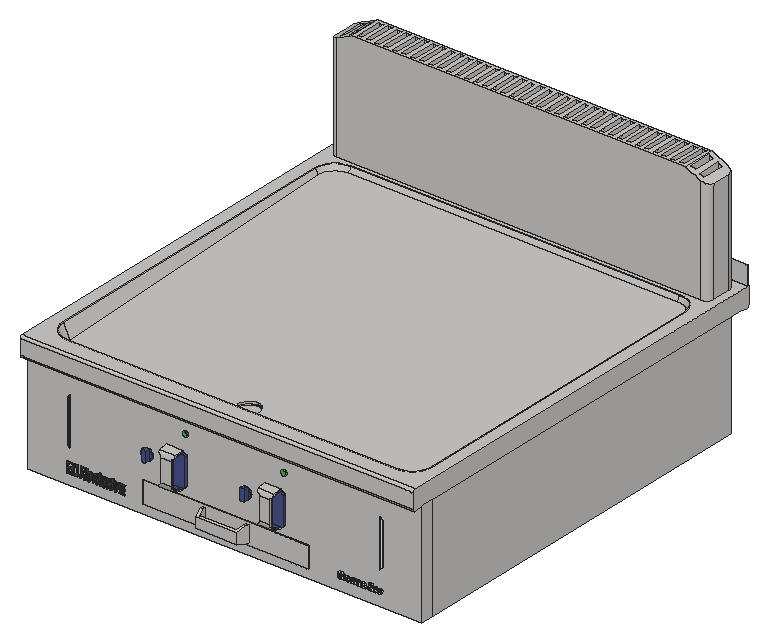
Revit family "QF_ELECTROLUXPROFESSIONAL_593108_MBHMBBHOVO", category Specialty Equipment, Revit 2014
Parameters
  Weight in Pounds = 487.22
  URL Cutsheet = ""
  Type Mark [instance] = ""
  Specification by User [instance] = ""
  Specification by Manufacturer = ""
  Serial Number = ""
  Seismic Rating = ""
  SMACNA No = ""
  Revision Code [instance] = ""
  Omniclass Number and Title = ""
  NAFEM Spec ID Number = ""
  Model = "588557"
  Masterspec = ""
  Manufacturer = "Electrolux Professional"
  Item Number [instance] = ""
  Installed By [instance] = ""
  Identify Quantity as Lot [instance] = yes
  Furnished By [instance] = ""
  Foodservice Equipment Identifier [instance] = yes
  Description = ""
  CSI MasterFormat = ""
  CSI Master Format = ""
Reference planes
  plane 1 "BACK": y = 0
  plane 2: z = 0
  plane 3 "LEFT": x = 0
  plane 4 "RIGHT": x = 800
  plane 5 "FRONT": y = -850
  plane 6 "TOP": z = 900
  plane 7 "Center (Left/Right)": x = 400
  plane 8: y = -425
  plane 9: y = -150
  plane 10: y = -65
  plane 11: y = -813
  plane 12 "GasY": y = -540
  plane 13: z = 938
  plane 14 "BaseTop": z = 650
  plane 15: y = -805
  plane 16 "Camino": y = -50
  plane 17: z = 1131
  plane 18 "GASx": x = 764
Forms (mm)
  Extrusion 1, solid, material "QF_Finishes_Stainless Steel"
    sketch origin (-178.969, -4572, 100) x (-1, 0, 0) y (0, -1, 0)
      loop
        line (-178.969, -4527) -> (-178.969, -3767) -> (-978.969, -3767) -> (-978.969, -4527) -> (-178.969, -4527)
    from 550 to 762.969
  Extrusion 2, solid, material "QF_Finishes_Stainless Steel"
    sketch origin (400, 296.4, 1219.2) x (0, 1, 0) y (0, 0, 1)
      loop
        line (-296.4, -319.2) -> (-1141.4, -319.2)
        arc (-1141.4, -319.2) -> (-1144.935, -320.664) -> (-1146.4, -324.2) r 5
        line (-1146.4, -324.2) -> (-1146.4, -355.2)
        arc (-1146.4, -355.2) -> (-1144.971, -358.264) -> (-1141.705, -359.139) r 4
        line (-1141.705, -359.139) -> (-1126.4, -356.231) -> (-316.4, -356.231) -> (-301.094, -359.139)
        arc (-301.094, -359.139) -> (-297.829, -358.264) -> (-296.4, -355.2) r 4
        line (-296.4, -355.2) -> (-296.4, -319.2)
    from -400 to 400
  Extrusion 3, void
    sketch origin (0, 0, 900) x (-1, 0, 0) y (0, -1, 0)
      loop
        arc (-65, 92) -> (-36.716, 103.716) -> (-25, 132) r 40
        line (-25, 132) -> (-25, 773)
        arc (-25, 773) -> (-36.716, 801.284) -> (-65, 813) r 40
        line (-65, 813) -> (-735, 813)
        arc (-735, 813) -> (-763.284, 801.284) -> (-775, 773) r 40
        line (-775, 773) -> (-775, 132)
        arc (-775, 132) -> (-763.284, 103.716) -> (-735, 92) r 40
        line (-735, 92) -> (-65, 92)
    from 0 to -30
  Extrusion 4, solid, material "QF_Finishes_Stainless Steel"
    sketch origin (400, 296.4, 1219.2) x (0, 1, 0) y (0, 0, 1)
      loop
        line (-296.4, -319.2) -> (-296.4, -281.2) -> (-298.4, -281.2) -> (-298.4, -319.2) -> (-296.4, -319.2)
    from 400 to -400
  Extrusion 5, solid, material "QF_Finishes_Stainless Steel"
    sketch origin (9, 0, 650) x (-1, 0, 0) y (0, -1, 0)
      loop
        circle (-755, 540) r 10.1
    from 0 to -10
  Sweep 6, solid, material "QF_Finishes_Stainless Steel"
    path origin (0, 0, 900) x (-1, 0, 0) y (0, -1, 0)
      loop
        line (-25, 132) -> (-25, 773)
        arc (-25, 773) -> (-36.716, 801.284) -> (-65, 813) r 40
        line (-65, 813) -> (-735, 813)
        arc (-735, 813) -> (-763.284, 801.284) -> (-775, 773) r 40
        line (-775, 773) -> (-775, 132)
        arc (-775, 132) -> (-763.284, 103.716) -> (-735, 92) r 40
        line (-735, 92) -> (-65, 92)
        arc (-65, 92) -> (-36.716, 103.716) -> (-25, 132) r 40
    profile origin (25, -452.5, 900) x (1, 0, 0) y (0, 0, 1)
      loop
        line (0, 0) -> (0, -30) -> (15, -30) -> (0, 0)
  Extrusion 7, void
    sketch origin (305.009, 0, 900) x (-1, 0, 0) y (0, -1, 0)
      loop
        circle (-94.991, 769) r 22.248
    from -32.282 to -6.62
  Extrusion 8, solid, material "QF_Finishes_Stainless Steel"
    sketch origin (0, -50, 900) x (1, 0, 0) y (0, 0, 1)
      loop
        line (15, 0) -> (785, 0) -> (785, 209.869) -> (739.685, 231) -> (60.315, 231) -> (15, 209.869) -> (15, 0)
    from 33 to -33
  Extrusion 9, void
    sketch origin (0, 0, 900) x (-1, 0, 0) y (0, -1, 0)
      loop
        line (-15, 83) -> (-30, 83)
        arc (-30, 83) -> (-19.393, 78.607) -> (-15, 68) r 15
        line (-15, 68) -> (-15, 83)
      loop
        line (-15, 17) -> (-15, 32)
        arc (-15, 32) -> (-19.393, 21.393) -> (-30, 17) r 15
        line (-30, 17) -> (-15, 17)
      loop
        line (-785, 83) -> (-785, 68)
        arc (-785, 68) -> (-780.607, 78.607) -> (-770, 83) r 15
        line (-770, 83) -> (-785, 83)
      loop
        line (-785, 17) -> (-770, 17)
        arc (-770, 17) -> (-780.607, 21.393) -> (-785, 32) r 15
        line (-785, 32) -> (-785, 17)
      loop
        line (-413.234, 23) -> (-413.234, 77) -> (-423.234, 77) -> (-423.234, 23) -> (-413.234, 23)
      loop
        line (-395, 23) -> (-395, 77) -> (-405, 77) -> (-405, 23) -> (-395, 23)
      loop
        line (-431.469, 23) -> (-431.469, 77) -> (-441.469, 77) -> (-441.469, 23) -> (-431.469, 23)
      loop
        line (-449.703, 23) -> (-449.703, 77) -> (-459.703, 77) -> (-459.703, 23) -> (-449.703, 23)
      loop
        line (-467.938, 23) -> (-467.938, 77) -> (-477.938, 77) -> (-477.938, 23) -> (-467.938, 23)
      loop
        line (-486.172, 23) -> (-486.172, 77) -> (-496.172, 77) -> (-496.172, 23) -> (-486.172, 23)
      loop
        line (-504.406, 23) -> (-504.406, 77) -> (-514.406, 77) -> (-514.406, 23) -> (-504.406, 23)
      loop
        line (-522.641, 23) -> (-522.641, 77) -> (-532.641, 77) -> (-532.641, 23) -> (-522.641, 23)
      loop
        line (-540.875, 23) -> (-540.875, 77) -> (-550.875, 77) -> (-550.875, 23) -> (-540.875, 23)
      loop
        line (-559.109, 23) -> (-559.109, 77) -> (-569.109, 77) -> (-569.109, 23) -> (-559.109, 23)
      loop
        line (-577.344, 23) -> (-577.344, 77) -> (-587.344, 77) -> (-587.344, 23) -> (-577.344, 23)
      loop
        line (-595.578, 23) -> (-595.578, 77) -> (-605.578, 77) -> (-605.578, 23) -> (-595.578, 23)
      loop
        line (-613.813, 23) -> (-613.813, 77) -> (-623.813, 77) -> (-623.813, 23) -> (-613.813, 23)
      loop
        line (-632.047, 23) -> (-632.047, 77) -> (-642.047, 77) -> (-642.047, 23) -> (-632.047, 23)
      loop
        line (-650.281, 23) -> (-650.281, 77) -> (-660.281, 77) -> (-660.281, 23) -> (-650.281, 23)
      loop
        line (-668.516, 23) -> (-668.516, 77) -> (-678.516, 77) -> (-678.516, 23) -> (-668.516, 23)
      loop
        line (-686.75, 23) -> (-686.75, 77) -> (-696.75, 77) -> (-696.75, 23) -> (-686.75, 23)
      loop
        line (-704.985, 23) -> (-704.985, 77) -> (-714.985, 77) -> (-714.985, 23) -> (-704.985, 23)
      loop
        line (-723.219, 23) -> (-723.219, 77) -> (-733.219, 77) -> (-733.219, 23) -> (-723.219, 23)
      loop
        line (-741.453, 26) -> (-741.453, 74) -> (-751.453, 74) -> (-751.453, 26) -> (-741.453, 26)
      loop
        line (-759.688, 26) -> (-759.688, 74) -> (-769.688, 74) -> (-769.688, 26) -> (-759.688, 26)
      loop
        line (-386.766, 23) -> (-376.766, 23) -> (-376.766, 77) -> (-386.766, 77) -> (-386.766, 23)
      loop
        line (-368.531, 23) -> (-358.531, 23) -> (-358.531, 77) -> (-368.531, 77) -> (-368.531, 23)
      loop
        line (-350.297, 23) -> (-340.297, 23) -> (-340.297, 77) -> (-350.297, 77) -> (-350.297, 23)
      loop
        line (-332.062, 23) -> (-322.062, 23) -> (-322.062, 77) -> (-332.062, 77) -> (-332.062, 23)
      loop
        line (-313.828, 23) -> (-303.828, 23) -> (-303.828, 77) -> (-313.828, 77) -> (-313.828, 23)
      loop
        line (-295.594, 23) -> (-285.594, 23) -> (-285.594, 77) -> (-295.594, 77) -> (-295.594, 23)
      loop
        line (-277.359, 23) -> (-267.359, 23) -> (-267.359, 77) -> (-277.359, 77) -> (-277.359, 23)
      loop
        line (-259.125, 23) -> (-249.125, 23) -> (-249.125, 77) -> (-259.125, 77) -> (-259.125, 23)
      loop
        line (-240.891, 23) -> (-230.891, 23) -> (-230.891, 77) -> (-240.891, 77) -> (-240.891, 23)
      loop
        line (-222.656, 23) -> (-212.656, 23) -> (-212.656, 77) -> (-222.656, 77) -> (-222.656, 23)
      loop
        line (-204.422, 23) -> (-194.422, 23) -> (-194.422, 77) -> (-204.422, 77) -> (-204.422, 23)
      loop
        line (-186.187, 23) -> (-176.187, 23) -> (-176.187, 77) -> (-186.187, 77) -> (-186.187, 23)
      loop
        line (-167.953, 23) -> (-157.953, 23) -> (-157.953, 77) -> (-167.953, 77) -> (-167.953, 23)
      loop
        line (-149.719, 23) -> (-139.719, 23) -> (-139.719, 77) -> (-149.719, 77) -> (-149.719, 23)
      loop
        line (-131.484, 23) -> (-121.484, 23) -> (-121.484, 77) -> (-131.484, 77) -> (-131.484, 23)
      loop
        line (-113.25, 23) -> (-103.25, 23) -> (-103.25, 77) -> (-113.25, 77) -> (-113.25, 23)
      loop
        line (-95.015, 23) -> (-85.015, 23) -> (-85.015, 77) -> (-95.015, 77) -> (-95.015, 23)
      loop
        line (-76.781, 23) -> (-66.781, 23) -> (-66.781, 77) -> (-76.781, 77) -> (-76.781, 23)
      loop
        line (-58.547, 26) -> (-48.547, 26) -> (-48.547, 74) -> (-58.547, 74) -> (-58.547, 26)
      loop
        line (-40.312, 26) -> (-30.312, 26) -> (-30.312, 74) -> (-40.312, 74) -> (-40.312, 26)
    from 231 to 0
  Extrusion 10, solid, material "QF_Finishes_Stainless Steel"
    sketch origin (400, 296.4, 1219.2) x (0, 1, 0) y (0, 0, 1)
      loop
        line (-1109.4, -349.2) -> (-388.4, -349.2) -> (-388.4, -329.2) -> (-1109.4, -347.5) -> (-1109.4, -349.2)
    from -375 to 375
  Extrusion 11, void
    sketch origin (305.009, 0, 900) x (-1, 0, 0) y (0, -1, 0)
      loop
        circle (-94.991, 769) r 22.248
    from -32.282 to -6.62
Cuts and joins
  Extrusion 3, Extrusion 7, Extrusion 9, Extrusion 11 cuts Extrusion 2
  Extrusion 9 cuts Extrusion 8
  Extrusion 11 cuts Sweep 6
  Extrusion 11 cuts Extrusion 10
  joined: Sweep 6, Extrusion 10
Lines and regions (mm)
  symbolic lines
    curve 1: line (0, 0, 100) -> (800, 0, 100)
    curve 2: line (0, -850, 100) -> (0, 0, 100)
    curve 3: line (800, -850, 100) -> (0, -850, 100)
    curve 4: line (800, 0, 100) -> (800, -850, 100)
    curve 5: line (0, -2, 0) -> (800, -2, 0)
    curve 6: line (734.029, -92, 0) -> (65.29, -92, 0)
    curve 7: line (65.29, -813, 0) -> (734.029, -813, 0)
    curve 8: line (65, -107, 900) -> (735, -107, 900)
    curve 9: line (735, -798, 900) -> (65, -798, 900)
    curve 10: arc (760, -773, 900) -> (752.678, -790.678, 900) -> (735, -798, 900) r 25
    curve 11: line (760, -132, 900) -> (760, -773, 900)
    curve 12: arc (735, -107, 900) -> (752.678, -114.322, 900) -> (760, -132, 900) r 25
    curve 13: circle (400, -769, 900) r 22.248 normal (0, 0, 1)
    curve 14: arc (90.5, -112.483, 900) -> (62.314, -124.096, 900) -> (50.5, -152.198, 900) r 39.994
    curve 15: line (90.5, -112.482, 900) -> (710.5, -112.482, 900)
    curve 16: line (50.5, -686.082, 900) -> (50.5, -152.198, 900)
    curve 17: arc (50.5, -686.082, 900) -> (62.314, -714.184, 900) -> (90.5, -725.797, 900) r 39.994
    curve 18: line (710.5, -725.798, 900) -> (90.5, -725.798, 900)
    curve 19: line (40.29, -731.526, 900) -> (760, -731.526, 900)
    curve 20: line (40.29, -741.526, 900) -> (760, -741.526, 900)
    curve 21: arc (65, -92, 900) -> (36.716, -103.716, 900) -> (25, -132, 900) r 40
    curve 22: line (25, -132, 900) -> (25, -773, 900)
    curve 23: arc (25, -773, 900) -> (36.716, -801.284, 900) -> (65, -813, 900) r 40
    curve 24: arc (735, -813, 900) -> (763.284, -801.284, 900) -> (775, -773, 900) r 40
    curve 25: line (775, -773, 900) -> (775, -132, 900)
    curve 26: arc (775, -132, 900) -> (763.284, -103.716, 900) -> (735, -92, 900) r 40
    curve 27: arc (709.5, -112.483, 900) -> (737.686, -124.096, 900) -> (749.5, -152.198, 900) r 39.994
    curve 28: line (749.5, -686.082, 900) -> (749.5, -152.198, 900)
    curve 29: arc (749.5, -686.082, 900) -> (737.686, -714.184, 900) -> (709.5, -725.797, 900) r 39.994
    curve 30: arc (65, -798, 900) -> (47.322, -790.678, 900) -> (40, -773, 900) r 25
    curve 31: line (40, -773, 900) -> (40, -132, 900)
    curve 32: arc (40, -132, 900) -> (47.322, -114.322, 900) -> (65, -107, 900) r 25
    curve 33: line (30, -83, 650) -> (770, -83, 650)
    curve 34: line (770, -17, 650) -> (30, -17, 650)
    curve 35: arc (15, -32, 650) -> (19.393, -21.393, 650) -> (30, -17, 650) r 15
    curve 36: line (15, -32, 650) -> (15, -68, 650)
    curve 37: arc (30, -83, 650) -> (19.393, -78.607, 650) -> (15, -68, 650) r 15
    curve 38: arc (785, -68, 650) -> (780.607, -78.607, 650) -> (770, -83, 650) r 15
    curve 39: line (785, -68, 650) -> (785, -32, 650)
    curve 40: arc (770, -17, 650) -> (780.607, -21.393, 650) -> (785, -32, 650) r 15
    curve 41: line (30.312, -26, 650) -> (30.312, -74, 650)
    curve 42: line (40.312, -26, 650) -> (30.312, -26, 650)
    curve 43: line (30.312, -74, 650) -> (40.312, -74, 650)
    curve 44: line (40.312, -74, 650) -> (40.312, -26, 650)
    curve 45: line (48.547, -74, 650) -> (58.547, -74, 650)
    curve 46: line (48.547, -26, 650) -> (48.547, -74, 650)
    curve 47: line (58.547, -26, 650) -> (48.547, -26, 650)
    curve 48: line (58.547, -74, 650) -> (58.547, -26, 650)
    curve 49: line (66.781, -23, 650) -> (66.781, -77, 650)
    curve 50: line (66.781, -23, 650) -> (76.781, -23, 650)
    curve 51: line (76.781, -23, 650) -> (76.781, -77, 650)
    curve 52: line (76.781, -77, 650) -> (66.781, -77, 650)
    curve 53: line (85.015, -23, 650) -> (85.015, -77, 650)
    curve 54: line (85.015, -23, 650) -> (95.015, -23, 650)
    curve 55: line (95.015, -23, 650) -> (95.015, -77, 650)
    curve 56: line (95.015, -77, 650) -> (85.015, -77, 650)
    curve 57: line (103.25, -23, 650) -> (103.25, -77, 650)
    curve 58: line (103.25, -23, 650) -> (113.25, -23, 650)
    curve 59: line (113.25, -23, 650) -> (113.25, -77, 650)
    curve 60: line (113.25, -77, 650) -> (103.25, -77, 650)
    curve 61: line (121.484, -23, 650) -> (121.484, -77, 650)
    curve 62: line (121.484, -23, 650) -> (131.484, -23, 650)
    curve 63: line (131.484, -23, 650) -> (131.484, -77, 650)
    curve 64: line (131.484, -77, 650) -> (121.484, -77, 650)
    curve 65: line (139.719, -23, 650) -> (139.719, -77, 650)
    curve 66: line (139.719, -23, 650) -> (149.719, -23, 650)
    curve 67: line (149.719, -23, 650) -> (149.719, -77, 650)
    curve 68: line (149.719, -77, 650) -> (139.719, -77, 650)
    curve 69: line (157.953, -23, 650) -> (157.953, -77, 650)
    curve 70: line (157.953, -23, 650) -> (167.953, -23, 650)
    curve 71: line (167.953, -23, 650) -> (167.953, -77, 650)
    curve 72: line (167.953, -77, 650) -> (157.953, -77, 650)
    curve 73: line (176.187, -23, 650) -> (176.187, -77, 650)
    curve 74: line (176.187, -23, 650) -> (186.187, -23, 650)
    curve 75: line (186.187, -23, 650) -> (186.187, -77, 650)
    curve 76: line (186.187, -77, 650) -> (176.187, -77, 650)
    curve 77: line (194.422, -23, 650) -> (194.422, -77, 650)
    curve 78: line (194.422, -23, 650) -> (204.422, -23, 650)
    curve 79: line (204.422, -23, 650) -> (204.422, -77, 650)
    curve 80: line (204.422, -77, 650) -> (194.422, -77, 650)
    curve 81: line (212.656, -23, 650) -> (212.656, -77, 650)
    curve 82: line (212.656, -23, 650) -> (222.656, -23, 650)
    curve 83: line (222.656, -23, 650) -> (222.656, -77, 650)
    curve 84: line (222.656, -77, 650) -> (212.656, -77, 650)
    curve 85: line (230.891, -23, 650) -> (230.891, -77, 650)
    curve 86: line (230.891, -23, 650) -> (240.891, -23, 650)
    curve 87: line (240.891, -23, 650) -> (240.891, -77, 650)
    curve 88: line (240.891, -77, 650) -> (230.891, -77, 650)
    curve 89: line (249.125, -23, 650) -> (249.125, -77, 650)
    curve 90: line (249.125, -23, 650) -> (259.125, -23, 650)
    curve 91: line (259.125, -23, 650) -> (259.125, -77, 650)
    curve 92: line (259.125, -77, 650) -> (249.125, -77, 650)
    curve 93: line (267.359, -23, 650) -> (267.359, -77, 650)
    curve 94: line (267.359, -23, 650) -> (277.359, -23, 650)
    curve 95: line (277.359, -23, 650) -> (277.359, -77, 650)
    curve 96: line (277.359, -77, 650) -> (267.359, -77, 650)
    curve 97: line (285.594, -23, 650) -> (285.594, -77, 650)
    curve 98: line (285.594, -23, 650) -> (295.594, -23, 650)
    curve 99: line (295.594, -23, 650) -> (295.594, -77, 650)
    curve 100: line (295.594, -77, 650) -> (285.594, -77, 650)
    curve 101: line (303.828, -23, 650) -> (303.828, -77, 650)
    curve 102: line (303.828, -23, 650) -> (313.828, -23, 650)
    curve 103: line (313.828, -23, 650) -> (313.828, -77, 650)
    curve 104: line (313.828, -77, 650) -> (303.828, -77, 650)
    curve 105: line (322.062, -23, 650) -> (322.062, -77, 650)
    curve 106: line (322.062, -23, 650) -> (332.062, -23, 650)
    curve 107: line (332.062, -23, 650) -> (332.062, -77, 650)
    curve 108: line (332.062, -77, 650) -> (322.062, -77, 650)
    curve 109: line (340.297, -23, 650) -> (340.297, -77, 650)
    curve 110: line (340.297, -23, 650) -> (350.297, -23, 650)
    curve 111: line (350.297, -23, 650) -> (350.297, -77, 650)
    curve 112: line (350.297, -77, 650) -> (340.297, -77, 650)
    curve 113: line (358.531, -23, 650) -> (358.531, -77, 650)
    curve 114: line (358.531, -23, 650) -> (368.531, -23, 650)
    curve 115: line (368.531, -23, 650) -> (368.531, -77, 650)
    curve 116: line (368.531, -77, 650) -> (358.531, -77, 650)
    curve 117: line (376.766, -23, 650) -> (376.766, -77, 650)
    curve 118: line (376.766, -23, 650) -> (386.766, -23, 650)
    curve 119: line (386.766, -23, 650) -> (386.766, -77, 650)
    curve 120: line (386.766, -77, 650) -> (376.766, -77, 650)
    curve 121: line (395, -23, 650) -> (395, -77, 650)
    curve 122: line (395, -23, 650) -> (405, -23, 650)
    curve 123: line (405, -23, 650) -> (405, -77, 650)
    curve 124: line (405, -77, 650) -> (395, -77, 650)
    curve 125: line (413.234, -23, 650) -> (413.234, -77, 650)
    curve 126: line (413.234, -23, 650) -> (423.234, -23, 650)
    curve 127: line (423.234, -23, 650) -> (423.234, -77, 650)
    curve 128: line (423.234, -77, 650) -> (413.234, -77, 650)
    curve 129: line (431.469, -23, 650) -> (431.469, -77, 650)
    curve 130: line (431.469, -23, 650) -> (441.469, -23, 650)
    curve 131: line (441.469, -23, 650) -> (441.469, -77, 650)
    curve 132: line (441.469, -77, 650) -> (431.469, -77, 650)
    curve 133: line (449.703, -23, 650) -> (449.703, -77, 650)
    curve 134: line (449.703, -23, 650) -> (459.703, -23, 650)
    curve 135: line (459.703, -23, 650) -> (459.703, -77, 650)
    curve 136: line (459.703, -77, 650) -> (449.703, -77, 650)
    curve 137: line (467.938, -23, 650) -> (467.938, -77, 650)
    curve 138: line (467.938, -23, 650) -> (477.938, -23, 650)
    curve 139: line (477.938, -23, 650) -> (477.938, -77, 650)
    curve 140: line (477.938, -77, 650) -> (467.938, -77, 650)
    curve 141: line (486.172, -23, 650) -> (486.172, -77, 650)
    curve 142: line (486.172, -23, 650) -> (496.172, -23, 650)
    curve 143: line (496.172, -23, 650) -> (496.172, -77, 650)
    curve 144: line (496.172, -77, 650) -> (486.172, -77, 650)
    curve 145: line (504.406, -23, 650) -> (504.406, -77, 650)
    curve 146: line (504.406, -23, 650) -> (514.406, -23, 650)
    curve 147: line (514.406, -23, 650) -> (514.406, -77, 650)
    curve 148: line (514.406, -77, 650) -> (504.406, -77, 650)
    curve 149: line (522.641, -23, 650) -> (522.641, -77, 650)
    curve 150: line (522.641, -23, 650) -> (532.641, -23, 650)
    curve 151: line (532.641, -23, 650) -> (532.641, -77, 650)
    curve 152: line (532.641, -77, 650) -> (522.641, -77, 650)
    curve 153: line (540.875, -23, 650) -> (540.875, -77, 650)
    curve 154: line (540.875, -23, 650) -> (550.875, -23, 650)
    curve 155: line (550.875, -23, 650) -> (550.875, -77, 650)
    curve 156: line (550.875, -77, 650) -> (540.875, -77, 650)
    curve 157: line (559.109, -23, 650) -> (559.109, -77, 650)
    curve 158: line (559.109, -23, 650) -> (569.109, -23, 650)
    curve 159: line (569.109, -23, 650) -> (569.109, -77, 650)
    curve 160: line (569.109, -77, 650) -> (559.109, -77, 650)
    curve 161: line (577.344, -23, 650) -> (577.344, -77, 650)
    curve 162: line (577.344, -23, 650) -> (587.344, -23, 650)
    curve 163: line (587.344, -23, 650) -> (587.344, -77, 650)
    curve 164: line (587.344, -77, 650) -> (577.344, -77, 650)
    curve 165: line (595.578, -23, 650) -> (595.578, -77, 650)
    curve 166: line (595.578, -23, 650) -> (605.578, -23, 650)
    curve 167: line (605.578, -23, 650) -> (605.578, -77, 650)
    curve 168: line (605.578, -77, 650) -> (595.578, -77, 650)
    curve 169: line (613.813, -23, 650) -> (613.813, -77, 650)
    curve 170: line (613.813, -23, 650) -> (623.813, -23, 650)
    curve 171: line (623.813, -23, 650) -> (623.813, -77, 650)
    curve 172: line (623.813, -77, 650) -> (613.813, -77, 650)
    curve 173: line (632.047, -23, 650) -> (632.047, -77, 650)
    curve 174: line (632.047, -23, 650) -> (642.047, -23, 650)
    curve 175: line (642.047, -23, 650) -> (642.047, -77, 650)
    curve 176: line (642.047, -77, 650) -> (632.047, -77, 650)
    curve 177: line (650.281, -23, 650) -> (650.281, -77, 650)
    curve 178: line (650.281, -23, 650) -> (660.281, -23, 650)
    curve 179: line (660.281, -23, 650) -> (660.281, -77, 650)
    curve 180: line (660.281, -77, 650) -> (650.281, -77, 650)
    curve 181: line (668.516, -23, 650) -> (668.516, -77, 650)
    curve 182: line (668.516, -23, 650) -> (678.516, -23, 650)
    curve 183: line (678.516, -23, 650) -> (678.516, -77, 650)
    curve 184: line (678.516, -77, 650) -> (668.516, -77, 650)
    curve 185: line (686.75, -23, 650) -> (686.75, -77, 650)
    curve 186: line (686.75, -23, 650) -> (696.75, -23, 650)
    curve 187: line (696.75, -23, 650) -> (696.75, -77, 650)
    curve 188: line (696.75, -77, 650) -> (686.75, -77, 650)
    curve 189: line (704.985, -23, 650) -> (704.985, -77, 650)
    curve 190: line (704.985, -23, 650) -> (714.985, -23, 650)
    curve 191: line (714.985, -23, 650) -> (714.985, -77, 650)
    curve 192: line (714.985, -77, 650) -> (704.985, -77, 650)
    curve 193: line (723.219, -23, 650) -> (723.219, -77, 650)
    curve 194: line (723.219, -23, 650) -> (733.219, -23, 650)
    curve 195: line (733.219, -23, 650) -> (733.219, -77, 650)
    curve 196: line (733.219, -77, 650) -> (723.219, -77, 650)
    curve 197: line (741.453, -26, 650) -> (741.453, -74, 650)
    curve 198: line (741.453, -26, 650) -> (751.453, -26, 650)
    curve 199: line (751.453, -26, 650) -> (751.453, -74, 650)
    curve 200: line (751.453, -74, 650) -> (741.453, -74, 650)
    curve 201: line (759.688, -26, 650) -> (759.688, -74, 650)
    curve 202: line (759.688, -26, 650) -> (769.688, -26, 650)
    curve 203: line (769.688, -26, 650) -> (769.688, -74, 650)
    curve 204: line (769.688, -74, 650) -> (759.688, -74, 650)
Dimensions and locks
  plane 3 "LEFT" to plane 4 "RIGHT" = 800 mm
  locked: plane 5 "FRONT" to plane 1 "BACK" at 850
  plane 3 "LEFT" to plane 7 "Center (Left/Right)" to plane 4 "RIGHT" = 400 mm, 400 mm
  equal spacing: plane 5 "FRONT", plane 8, plane 1 "BACK"
  plane 6 "TOP" to level = 900 mm  (x2)
  plane 1 "BACK" to plane 9 = 150 mm
  plane 12 "GasY" to plane 1 "BACK" = 540 mm
  plane 13 to plane 6 "TOP" = 38 mm
  plane 10 to plane 1 "BACK" = 65 mm
  plane 5 "FRONT" to plane 11 = 37 mm
  locked: plane 6 "TOP" to plane 14 "BaseTop" at 250
  locked: plane 15 to plane 5 "FRONT" at 45
  plane 16 "Camino" to plane 1 "BACK" = 50 mm
  plane 17 to plane 6 "TOP" = 231 mm
  plane 18 "GASx" to plane 4 "RIGHT" = 36 mm
  aligned and locked: level to plane 2
  aligned and locked: cut or joined group of Extrusion 2, Extrusion 3, Extrusion 7, Extrusion 9, Extrusion 11 to plane 3 "LEFT"
  aligned and locked: cut or joined group of Extrusion 2, Extrusion 3, Extrusion 7, Extrusion 9, Extrusion 11 to plane 4 "RIGHT"
  aligned and locked: nested 1 to plane 15
  aligned and locked: Extrusion 1 to plane 15
  aligned and locked: Extrusion 4 to plane 3 "LEFT"
  aligned and locked: Extrusion 4 to plane 4 "RIGHT"
  aligned and locked: plane 3 "LEFT" to nested 1
Automatic sketch dimensions
  curve 5 to plane 3 "LEFT" = 0 mm
  plane 11 to curve 7 = 0 mm
  curve 5 to plane 4 "RIGHT" = 0 mm
  plane 10 to curve 6 = 27 mm
  plane 3 "LEFT" to curve 6 = 65.29 mm
  plane 3 "LEFT" to curve 7 = 65.29 mm
  plane 18 "GASx" to curve 6 = 29.971 mm
  plane 18 "GASx" to curve 7 = 29.971 mm
  plane 1 "BACK" to curve 5 = 2 mm
  Extrusion 1 sketch curve to plane 4 "RIGHT" = 0 mm
  Extrusion 1 sketch curve to plane 3 "LEFT" = 0 mm
  Extrusion 1 sketch curve to plane 15 = 0 mm
  Extrusion 1 sketch curve to plane 16 "Camino" = 5 mm
  plane 1 "BACK" to curve 1 = 0 mm
  curve 1 to plane 4 "RIGHT" = 0 mm
  curve 3 to plane 3 "LEFT" = 0 mm
  plane 5 "FRONT" to curve 3 = 0 mm
  Extrusion 2 sketch curve to plane 5 "FRONT" = 0 mm
  Extrusion 2 sketch curve to plane 6 "TOP" = 0 mm
  Extrusion 2 sketch curve to plane 1 "BACK" = 0 mm
  Extrusion 2 sketch curve to Extrusion 2 sketch curve = 4 mm
  Extrusion 2 sketch curve to Extrusion 2 sketch curve = 0.695 mm
  Extrusion 2 sketch curve to plane 5 "FRONT" = 5 mm
  Extrusion 2 sketch curve to Extrusion 2 sketch curve = 15.305 mm
  plane 1 "BACK" to Extrusion 2 sketch curve = 20 mm
  plane 1 "BACK" to Extrusion 2 sketch curve = 4.695 mm
  plane 1 "BACK" to Extrusion 2 sketch curve = 4 mm
  Extrusion 2 sketch curve to Extrusion 2 sketch curve = 31 mm
  Extrusion 2 sketch curve to Extrusion 2 sketch curve = 36 mm
  Extrusion 2 sketch curve to Extrusion 2 sketch curve = 2.909 mm
  plane 11 to Extrusion 3 sketch curve = 0 mm
  Extrusion 3 sketch curve to plane 18 "GASx" = 11 mm
  plane 18 "GASx" to Extrusion 3 sketch curve = 29 mm  (x2)
  plane 3 "LEFT" to Extrusion 3 sketch curve = 65 mm  (x2)
  plane 9 to Extrusion 3 sketch curve = 18 mm
  plane 3 "LEFT" to Extrusion 3 sketch curve = 25 mm
  curve 10 to curve 24 = 0 mm  (x2)
  curve 12 to curve 26 = 0 mm  (x2)
  curve 21 to curve 32 = 0 mm  (x2)
  curve 23 to curve 30 = 0 mm  (x2)
  plane 11 to curve 24 = 0 mm
  curve 13 to plane 7 "Center (Left/Right)" = 0 mm
  plane 11 to curve 23 = 0 mm
  curve 29 to plane 12 "GasY" = 145.803 mm
  plane 18 "GASx" to curve 29 = 54.493 mm
  curve 27 to plane 9 = 2.477 mm
  plane 18 "GASx" to curve 27 = 54.493 mm
  plane 9 to curve 12 = 18 mm
  plane 18 "GASx" to curve 12 = 29 mm
  plane 18 "GASx" to curve 24 = 29 mm
  curve 28 to plane 9 = 2.198 mm
  plane 18 "GASx" to curve 28 = 14.5 mm
  plane 18 "GASx" to curve 11 = 4 mm
  curve 25 to plane 18 "GASx" = 11 mm
  curve 17 to plane 12 "GasY" = 145.803 mm
  plane 3 "LEFT" to curve 17 = 90.493 mm
  curve 14 to plane 9 = 2.477 mm
  plane 3 "LEFT" to curve 14 = 90.493 mm
  curve 14 to curve 21 = 25.493 mm
  curve 23 to plane 11 = 40 mm
  plane 3 "LEFT" to curve 23 = 65 mm
  curve 17 to curve 16 = 39.993 mm
  curve 16 to plane 9 = 2.198 mm
  curve 16 to plane 12 "GasY" = 146.082 mm
  curve 28 to plane 12 "GasY" = 146.082 mm
  curve 13 to plane 11 = 44 mm
  curve 8 to curve 27 = 25.5 mm
  curve 29 to curve 29 = 0.007 mm
  curve 15 to curve 27 = 1 mm
  curve 18 to curve 29 = 1 mm
  curve 18 to curve 17 = 0.007 mm
  curve 15 to curve 8 = 25.5 mm
  curve 15 to curve 14 = 0 mm
  curve 18 to curve 17 = 0 mm
  curve 20 to curve 30 = 0.29 mm
  curve 19 to curve 20 = 0 mm
  curve 15 to curve 14 = 0.001 mm
  curve 29 to curve 18 = 0.001 mm
  curve 19 to curve 30 = 41.474 mm
  curve 19 to curve 20 = 10 mm
  Extrusion 4 sketch curve to plane 6 "TOP" = 0 mm
  Extrusion 4 sketch curve to plane 13 = 0 mm
  Extrusion 4 sketch curve to plane 1 "BACK" = 0 mm
  Extrusion 4 sketch curve to Extrusion 4 sketch curve = 2 mm
  Extrusion 5 sketch curve to plane 12 "GasY" = 0 mm
  Extrusion 5 sketch curve to plane 18 "GASx" = 0 mm
  plane 11 to Sweep 6 sketch curve = 0 mm
  Sweep 6 sketch curve to plane 18 "GASx" = 11 mm
  plane 18 "GASx" to Sweep 6 sketch curve = 29 mm  (x2)
  plane 3 "LEFT" to Sweep 6 sketch curve = 65 mm  (x2)
  plane 10 to Sweep 6 sketch curve = 27 mm
  plane 3 "LEFT" to Sweep 6 sketch curve = 25 mm
  profile plane to Sweep 6 sketch curve = 0 mm
  Sweep 6 sketch curve to plane 6 "TOP" = 0 mm
  Sweep 6 sketch curve to profile plane = 15 mm
  Sweep 6 sketch curve to plane 6 "TOP" = 30 mm
  Extrusion 7 sketch curve to plane 7 "Center (Left/Right)" = 0 mm
  Extrusion 7 sketch curve to plane 11 = 44 mm
  Extrusion 7 sketch curve to plane 7 "Center (Left/Right)" = 12.288 mm
  Extrusion 7 sketch curve to Extrusion 7 sketch curve = 0 mm
  Extrusion 7 sketch curve to Extrusion 7 sketch curve = 18.547 mm
  Extrusion 8 sketch curve to plane 6 "TOP" = 0 mm
  Extrusion 8 sketch curve to plane 17 = 0 mm
  plane 3 "LEFT" to Extrusion 8 sketch curve = 15 mm
  Extrusion 8 sketch curve to Extrusion 8 sketch curve = 45.315 mm
  plane 18 "GASx" to Extrusion 8 sketch curve = 24.315 mm
  plane 4 "RIGHT" to Extrusion 8 sketch curve = 15 mm
  Extrusion 8 sketch curve to plane 17 = 21.131 mm  (x2)
  plane 10 to Extrusion 9 sketch curve = 3 mm  (x2)
  plane 4 "RIGHT" to Extrusion 9 sketch curve = 15 mm  (x2)
  Extrusion 9 sketch curve to plane 18 "GASx" = 6 mm  (x2)
  Extrusion 9 sketch curve to plane 18 "GASx" = 5.688 mm
  plane 18 "GASx" to Extrusion 9 sketch curve = 4.312 mm
  Extrusion 9 sketch curve to Extrusion 9 sketch curve = 8.234 mm  (x39)
  Extrusion 9 sketch curve to Extrusion 9 sketch curve = 10 mm  (x39)
  plane 7 "Center (Left/Right)" to Extrusion 9 sketch curve = 5 mm
  Extrusion 9 sketch curve to plane 7 "Center (Left/Right)" = 5 mm
  Extrusion 9 sketch curve to Extrusion 9 sketch curve = 0.312 mm  (x2)
  Extrusion 9 sketch curve to Extrusion 9 sketch curve = 15 mm  (x2)
  Extrusion 9 sketch curve to plane 16 "Camino" = 18 mm  (x2)
  Extrusion 9 sketch curve to plane 16 "Camino" = 24 mm
  Extrusion 9 sketch curve to Extrusion 9 sketch curve = 6 mm  (x2)
  Extrusion 9 sketch curve to Extrusion 9 sketch curve = 0 mm  (x67)
  plane 1 "BACK" to Extrusion 9 sketch curve = 23 mm  (x2)
  Extrusion 9 sketch curve to Extrusion 9 sketch curve = 3 mm  (x3)
  plane 10 to Extrusion 9 sketch curve = 9 mm  (x3)
  plane 10 to Extrusion 9 sketch curve = 12 mm  (x4)
  plane 10 to curve 39 = 3 mm
  plane 4 "RIGHT" to curve 39 = 15 mm
  curve 34 to plane 18 "GASx" = 6 mm
  curve 33 to plane 18 "GASx" = 6 mm
  curve 203 to plane 18 "GASx" = 5.688 mm
  plane 18 "GASx" to curve 202 = 4.312 mm
  curve 201 to curve 198 = 8.234 mm
  curve 198 to curve 198 = 10 mm
  curve 197 to curve 194 = 8.234 mm
  curve 195 to curve 196 = 10 mm
  curve 193 to curve 192 = 8.234 mm
  curve 190 to curve 190 = 10 mm
  curve 189 to curve 186 = 8.234 mm
  curve 186 to curve 186 = 10 mm
  curve 185 to curve 182 = 8.234 mm
  curve 183 to curve 184 = 10 mm
  curve 181 to curve 180 = 8.234 mm
  curve 178 to curve 178 = 10 mm
  curve 177 to curve 174 = 8.234 mm
  curve 174 to curve 174 = 10 mm
  curve 173 to curve 170 = 8.234 mm
  curve 171 to curve 172 = 10 mm
  curve 169 to curve 168 = 8.234 mm
  curve 166 to curve 166 = 10 mm
  curve 165 to curve 162 = 8.234 mm
  curve 162 to curve 162 = 10 mm
  curve 161 to curve 158 = 8.234 mm
  curve 159 to curve 160 = 10 mm
  curve 157 to curve 156 = 8.234 mm
  curve 154 to curve 154 = 10 mm
  curve 153 to curve 150 = 8.234 mm
  curve 150 to curve 150 = 10 mm
  curve 149 to curve 146 = 8.234 mm
  curve 147 to curve 148 = 10 mm
  curve 145 to curve 144 = 8.234 mm
  curve 142 to curve 142 = 10 mm
  curve 141 to curve 138 = 8.234 mm
  curve 138 to curve 138 = 10 mm
  curve 137 to curve 134 = 8.234 mm
  curve 135 to curve 136 = 10 mm
  curve 133 to curve 132 = 8.234 mm
  curve 130 to curve 130 = 10 mm
  curve 129 to curve 126 = 8.234 mm
  curve 126 to curve 126 = 10 mm
  plane 7 "Center (Left/Right)" to curve 123 = 5 mm
  curve 121 to plane 7 "Center (Left/Right)" = 5 mm
  curve 121 to curve 120 = 8.234 mm
  curve 118 to curve 117 = 10 mm
  curve 117 to curve 116 = 8.234 mm
  curve 114 to curve 114 = 10 mm
  curve 113 to curve 110 = 8.234 mm
  curve 110 to curve 110 = 10 mm
  curve 109 to curve 106 = 8.234 mm
  curve 107 to curve 108 = 10 mm
  curve 105 to curve 104 = 8.234 mm
  curve 102 to curve 102 = 10 mm
  curve 101 to curve 98 = 8.234 mm
  curve 98 to curve 98 = 10 mm
  curve 97 to curve 94 = 8.234 mm
  curve 95 to curve 96 = 10 mm
  curve 93 to curve 92 = 8.234 mm
  curve 90 to curve 90 = 10 mm
  curve 89 to curve 86 = 8.234 mm
  curve 86 to curve 86 = 10 mm
  curve 85 to curve 82 = 8.234 mm
  curve 83 to curve 84 = 10 mm
  curve 81 to curve 80 = 8.234 mm
  curve 78 to curve 78 = 10 mm
  curve 77 to curve 74 = 8.234 mm
  curve 74 to curve 74 = 10 mm
  curve 73 to curve 70 = 8.234 mm
  curve 70 to curve 70 = 10 mm
  curve 69 to curve 66 = 8.234 mm
  curve 67 to curve 68 = 10 mm
  curve 65 to curve 64 = 8.234 mm
  curve 63 to curve 64 = 10 mm
  curve 61 to curve 60 = 8.234 mm
  curve 59 to curve 60 = 10 mm
  curve 57 to curve 54 = 8.234 mm
  curve 54 to curve 54 = 10 mm
  curve 53 to curve 50 = 8.234 mm
  curve 51 to curve 52 = 10 mm
  curve 49 to curve 48 = 8.234 mm
  curve 47 to curve 46 = 10 mm
  curve 45 to curve 44 = 8.234 mm
  curve 42 to curve 42 = 10 mm
  curve 41 to curve 34 = 0.312 mm
  plane 10 to curve 37 = 3 mm
  curve 41 to curve 37 = 0.312 mm
  curve 35 to plane 16 "Camino" = 18 mm
  curve 46 to curve 35 = 6 mm
  curve 44 to curve 46 = 0 mm
  curve 202 to curve 40 = 6 mm
  curve 197 to curve 201 = 0 mm
  plane 1 "BACK" to curve 129 = 23 mm
  plane 1 "BACK" to curve 106 = 23 mm
  plane 1 "BACK" to curve 151 = 23 mm
  curve 150 to curve 153 = 0 mm
  curve 103 to curve 105 = 0 mm
  curve 154 to curve 157 = 0 mm
  curve 99 to curve 101 = 0 mm
  curve 158 to curve 161 = 0 mm
  curve 95 to curve 97 = 0 mm
  curve 162 to curve 165 = 0 mm
  curve 91 to curve 93 = 0 mm
  curve 166 to curve 169 = 0 mm
  curve 87 to curve 89 = 0 mm
  curve 170 to curve 173 = 0 mm
  curve 83 to curve 85 = 0 mm
  curve 174 to curve 177 = 0 mm
  curve 79 to curve 81 = 0 mm
  curve 178 to curve 181 = 0 mm
  curve 75 to curve 77 = 0 mm
  curve 182 to curve 185 = 0 mm
  curve 71 to curve 73 = 0 mm
  curve 186 to curve 189 = 0 mm
  curve 67 to curve 69 = 0 mm
  curve 190 to curve 193 = 0 mm
  curve 63 to curve 65 = 0 mm
  curve 59 to curve 61 = 0 mm
  curve 106 to curve 109 = 0 mm
  curve 147 to curve 149 = 0 mm  (x2)
  curve 55 to curve 57 = 0 mm
  curve 51 to curve 53 = 0 mm
  curve 110 to curve 113 = 0 mm
  curve 143 to curve 145 = 0 mm  (x2)
  curve 114 to curve 117 = 0 mm
  curve 139 to curve 141 = 0 mm  (x2)
  curve 118 to curve 121 = 0 mm
  curve 135 to curve 137 = 0 mm  (x2)
  curve 122 to curve 125 = 0 mm
  plane 10 to curve 44 = 9 mm
  plane 10 to curve 48 = 9 mm
  plane 10 to curve 199 = 9 mm
  curve 38 to curve 203 = 6 mm
  plane 10 to curve 128 = 12 mm
  curve 127 to curve 129 = 0 mm
  plane 10 to curve 124 = 12 mm
  curve 131 to curve 133 = 0 mm
  plane 10 to curve 120 = 12 mm
  plane 10 to curve 116 = 12 mm
  plane 10 to curve 112 = 12 mm
  plane 10 to curve 108 = 12 mm
  plane 10 to curve 104 = 12 mm
  curve 151 to curve 153 = 0 mm
  plane 10 to curve 100 = 12 mm
  curve 155 to curve 157 = 0 mm
  plane 10 to curve 96 = 12 mm
  curve 159 to curve 161 = 0 mm
  plane 10 to curve 92 = 12 mm
  curve 163 to curve 165 = 0 mm
  plane 10 to curve 88 = 12 mm
  curve 167 to curve 169 = 0 mm
  plane 10 to curve 84 = 12 mm
  curve 171 to curve 173 = 0 mm
  plane 10 to curve 80 = 12 mm
  curve 175 to curve 177 = 0 mm
  plane 10 to curve 76 = 12 mm
  curve 179 to curve 181 = 0 mm
  plane 10 to curve 72 = 12 mm
  curve 183 to curve 185 = 0 mm
  plane 10 to curve 68 = 12 mm
  curve 187 to curve 189 = 0 mm
  plane 10 to curve 64 = 12 mm
  curve 191 to curve 193 = 0 mm
  plane 10 to curve 60 = 12 mm
  plane 10 to curve 56 = 12 mm
  curve 45 to curve 52 = 3 mm
  Extrusion 11 sketch curve to plane 7 "Center (Left/Right)" = 0 mm
  Extrusion 11 sketch curve to plane 11 = 44 mm
  Extrusion 11 sketch curve to plane 7 "Center (Left/Right)" = 12.288 mm
  Extrusion 11 sketch curve to Extrusion 11 sketch curve = 0 mm
  Extrusion 11 sketch curve to Extrusion 11 sketch curve = 18.547 mm
  Extrusion 10 sketch curve to plane 11 = 0 mm
  plane 10 to Extrusion 10 sketch curve = 27 mm
  Extrusion 10 sketch curve to plane 6 "TOP" = 30 mm
  Extrusion 10 sketch curve to plane 6 "TOP" = 10 mm
  Extrusion 10 sketch curve to Extrusion 10 sketch curve = 1.7 mm
  radius of curve 13 = 22.248 mm
  radius of Extrusion 5 sketch curve = 10.1 mm
Nested families
  nested 1: "Front_Panel_W800_Two Knobs_2Spie_Manop" at (202.376, -805, 0), type "Front_Panel_W800_Two Knobs_2Spie_Manop"
Connectors
  piping at (764, -540, 640), diameter 12.7
    settings: on Extrusion 5, index 1, connector inside diameter 24", connector length 0 mm, flow factor 0, pipe flow 0 GPM, pressure drop 0.00 psi, fitting loss kfactor 0, connector angle 0.00°, fixture units 0, engagement length 0 mm, angle of deflection 0.00°, flow configuration 1, flow direction 1, fitting loss method 0, system type 7, joint type 0, gender type 0, connector reference index -1, connector utility 0, adjustable connector no, is connector primary yes, connector description "Gas connection"
Definition of nested family "Front_Panel_W800_Two Knobs_2Spie_Manop"
  Reference planes
    plane 1 "Center (Front/Back)": y = 0
    plane 2: z = 0
    plane 3 "Center (Left/Right)": x = 197.624
    plane 4 "Left": x = -202.376
    plane 5 "Right": x = 597.624
    plane 6: y = -45
    plane 7: x = 97.624
    plane 8: y = -310
    plane 9 "Panel": y = -25
    plane 10: x = 517.624
    plane 11: x = -122.376
    plane 12: x = 297.624
  Forms (mm)
    Extrusion 1, solid, material "QF_Finishes_Stainless Steel"
      sketch origin (833.217, 829.203, -1.25) x (0, 1, 0) y (0, 0, 1)
        loop
          line (-854.203, 651.25) -> (-829.203, 651.25) -> (-829.203, 864.25) -> (-854.203, 864.25) -> (-854.203, 651.25)
      from -1035.593 to -235.593
    Extrusion 2, void
      sketch origin (0, -25, -10) x (0, 0, 1) y (-1, 0, 0)
        loop
          line (731.866, 122.376) -> (726.866, 117.376) -> (823.866, 117.376) -> (818.866, 122.376) -> (731.866, 122.376)
        loop
          line (731.866, -517.624) -> (818.866, -517.624) -> (823.866, -512.624) -> (726.866, -512.624) -> (731.866, -517.624)
      from 0 to -2
    Extrusion 3, void
      sketch origin (0, 0, 0) x (1, 0, 0) y (0, 0, 1)
        loop
          line (30.124, 711.866) -> (30.124, 666.866) -> (370.124, 666.866) -> (370.124, 711.866) -> (30.124, 711.866)
      from 19.387 to 25
    Extrusion 4, solid, material "QF_Finishes_Green"
      sketch origin (160, -25, 1.163) x (0, 0, 1) y (-1, 0, 0)
        loop
          circle (824.337, 42.376) r 5
      from 0 to 1.7
    Extrusion 5, solid, material "QF_Finishes_Green"
      sketch origin (330.497, -25, 1.163) x (0, 0, 1) y (-1, 0, 0)
        loop
          circle (824.337, 12.376) r 5
      from 0 to 1.7
    Extrusion 6, solid, material "QF_Finishes_White"
      sketch origin (0, -25, -10) x (0, 0, 1) y (-1, 0, 0)
        loop
          line (731.866, 122.376) -> (726.866, 117.376) -> (823.866, 117.376) -> (818.866, 122.376) -> (731.866, 122.376)
        loop
          line (726.866, -512.624) -> (731.866, -517.624) -> (818.866, -517.624) -> (823.866, -512.624) -> (726.866, -512.624)
      from 0 to -2
    Extrusion 7, solid, material "QF_Finishes_Stainless Steel"
      sketch origin (51.5, 0, -0.727) x (1, 0, 0) y (0, 0, 1)
        loop
          line (-21.376, 710.866) -> (-21.376, 667.866) -> (316.624, 667.866) -> (316.624, 710.866) -> (-21.376, 710.866)
      from 19.387 to 25
    Extrusion 8, solid, material "QF_Finishes_Stainless Steel"
      sketch origin (51.5, 0, -0.727) x (1, 0, 0) y (0, 1, 0)
        loop
          line (106.059, -25) -> (100.966, -25) -> (105.646, -49.075) -> (189.603, -49.075) -> (194.283, -25) -> (189.189, -25) -> (185.481, -44.075) -> (109.767, -44.075) -> (106.059, -25)
      from 672.593 to 705.67
    Extrusion 9, void
      sketch origin (199.124, 0, -0.727) x (0, 1, 0) y (0, 0, 1)
        loop
          line (-30, 705.67) -> (-30, 710.67) -> (-56.744, 710.67) -> (-56.744, 667.593) -> (-30, 667.593) -> (-30, 672.593) -> (-53.776, 680.318) -> (-53.776, 697.945) -> (-30, 705.67)
      from -50 to 50
    Extrusion 10, solid, material "QF_Door-Drawer Clearances", detail levels coarse
      sketch origin (51.5, -265, -0.727) x (1, 0, 0) y (0, 1, 0)
        loop
          line (106.164, -71.744) -> (189.084, -71.744) -> (194.283, -45) -> (316.624, -45) -> (316.624, 240) -> (-21.376, 240) -> (-21.376, -45) -> (100.966, -45) -> (106.164, -71.744)
      from 672.593 to 705.67
    Extrusion 11, void
      sketch origin (199.124, -280, -0.727) x (0, 1, 0) y (0, 0, 1)
        loop
          line (-30, 705.67) -> (-30, 710.67) -> (-56.744, 710.67) -> (-56.744, 667.593) -> (-30, 667.593) -> (-30, 672.593) -> (-53.776, 680.318) -> (-53.776, 697.945) -> (-30, 705.67)
      from -50 to 50
    Extrusion 12, solid, material "QF_Finishes_Electrolux Cyan"
      sketch origin (0, -25, 0) x (0, 0, 1) y (-1, 0, 0)
        loop
          circle (761.978, -40.989) r 11.5
      from 1.492 to 2.716
    Extrusion 13, solid, material "QF_Finishes_Stainless Steel"
      sketch origin (0, -25, 0) x (0, 0, 1) y (-1, 0, 0)
        loop
          circle (761.978, -40.989) r 8.098
      from 0 to 1.492
    Extrusion 14, solid, material "QF_Finishes_Electrolux Cyan"
      sketch origin (0, -25, 0) x (0, 0, 1) y (-1, 0, 0)
        loop
          arc (772.561, -45.489) -> (773.478, -40.989) -> (772.561, -36.489) r 11.5
          line (772.561, -36.489) -> (751.395, -36.489)
          arc (751.395, -36.489) -> (750.478, -40.989) -> (751.395, -45.489) r 11.5
          line (751.395, -45.489) -> (772.561, -45.489)
      from 1.492 to 10
    Extrusion 15, solid, material "QF_Finishes_Electrolux Cyan"
      sketch origin (200, -25, 0) x (0, 0, 1) y (-1, 0, 0)
        loop
          circle (761.978, -40.989) r 11.5
      from 1.492 to 2.716
    Extrusion 16, solid, material "QF_Finishes_Stainless Steel"
      sketch origin (200, -25, 0) x (0, 0, 1) y (-1, 0, 0)
        loop
          circle (761.978, -40.989) r 8.098
      from 0 to 1.492
    Extrusion 17, solid, material "QF_Finishes_Electrolux Cyan"
      sketch origin (200, -25, 0) x (0, 0, 1) y (-1, 0, 0)
        loop
          arc (772.561, -45.489) -> (773.478, -40.989) -> (772.561, -36.489) r 11.5
          line (772.561, -36.489) -> (751.395, -36.489)
          arc (751.395, -36.489) -> (750.478, -40.989) -> (751.395, -45.489) r 11.5
          line (751.395, -45.489) -> (772.561, -45.489)
      from 1.492 to 10
  Cuts and joins
    Extrusion 2, Extrusion 3 cuts Extrusion 1
    Extrusion 9 cuts Extrusion 8
    Extrusion 9, Extrusion 11 cuts Extrusion 10
    joined: Extrusion 12, Extrusion 14
  Lines and regions (mm)
    symbolic lines, style "SpecialityEquipmentHiddenLines"
      curve 1: line (31.124, -45, 0) -> (31.124, -310, 0)
      curve 2: line (31.124, -310, 0) -> (364.124, -310, 0)
      curve 3: line (157.304, -334.075, 0) -> (241.103, -334.075, 0)
      curve 4: line (241.103, -334.075, 0) -> (245.783, -310, 0)
      curve 5: line (364.124, -310, 0) -> (364.124, -45, 0)
      curve 6: line (31.124, -300, 0) -> (364.124, -300, 0)
      curve 7: line (161.426, -329.075, 0) -> (236.981, -329.075, 0)
      curve 8: line (236.981, -329.075, 0) -> (240.689, -310, 0)
      curve 9: line (157.304, -334.075, 0) -> (152.624, -310, 0)
      curve 10: line (161.426, -329.075, 0) -> (157.718, -310, 0)
  Dimensions and locks
    equal spacing: plane 5 "Right", plane 3 "Center (Left/Right)", plane 4 "Left"
    plane 5 "Right" to plane 4 "Left" = 800 mm
    plane 3 "Center (Left/Right)" to plane 7 = 100 mm
    plane 6 to plane 8 = 265 mm
    plane 12 to plane 3 "Center (Left/Right)" = 100 mm
    aligned and locked: cut or joined group of Extrusion 1, Extrusion 2, Extrusion 3 to plane 4 "Left"
    aligned and locked: plane 5 "Right" to cut or joined group of Extrusion 1, Extrusion 2, Extrusion 3
  Automatic sketch dimensions
    Extrusion 1 sketch curve to plane 9 "Panel" = 0 mm
    Extrusion 1 sketch curve to plane 1 "Center (Front/Back)" = 0 mm
    level to Extrusion 1 sketch curve = 650 mm
    Extrusion 1 sketch curve to Extrusion 1 sketch curve = 213 mm
    Extrusion 2 sketch curve to plane 11 = 0 mm
    Extrusion 2 sketch curve to plane 10 = 0 mm
    Extrusion 2 sketch curve to plane 10 = 5 mm
    level to Extrusion 2 sketch curve = 716.866 mm
    plane 11 to Extrusion 2 sketch curve = 5 mm
    Extrusion 2 sketch curve to Extrusion 2 sketch curve = 0 mm
    Extrusion 2 sketch curve to Extrusion 2 sketch curve = 5 mm  (x4)
    Extrusion 2 sketch curve to Extrusion 2 sketch curve = 87 mm  (x2)
    Extrusion 3 sketch curve to plane 7 = 67.5 mm
    plane 12 to Extrusion 3 sketch curve = 72.5 mm
    level to Extrusion 3 sketch curve = 666.866 mm
    Extrusion 3 sketch curve to Extrusion 3 sketch curve = 45 mm
    plane 7 to Extrusion 4 sketch curve = 20 mm
    level to Extrusion 4 sketch curve = 825.5 mm
    plane 12 to Extrusion 5 sketch curve = 20.497 mm
    level to Extrusion 5 sketch curve = 825.5 mm
    Extrusion 6 sketch curve to plane 11 = 0 mm
    Extrusion 6 sketch curve to plane 10 = 0 mm
    Extrusion 6 sketch curve to plane 10 = 5 mm
    level to Extrusion 6 sketch curve = 716.866 mm
    plane 11 to Extrusion 6 sketch curve = 5 mm
    Extrusion 6 sketch curve to Extrusion 6 sketch curve = 0 mm
    Extrusion 6 sketch curve to Extrusion 6 sketch curve = 5 mm  (x4)
    Extrusion 6 sketch curve to Extrusion 6 sketch curve = 87 mm  (x2)
    Extrusion 7 sketch curve to plane 7 = 67.5 mm
    plane 12 to Extrusion 7 sketch curve = 70.5 mm
    level to Extrusion 7 sketch curve = 667.139 mm
    Extrusion 7 sketch curve to Extrusion 7 sketch curve = 43 mm
    plane 9 "Panel" to Extrusion 8 sketch curve = 0 mm  (x2)
    Extrusion 8 sketch curve to plane 3 "Center (Left/Right)" = 45.158 mm
    plane 6 to Extrusion 8 sketch curve = 4.075 mm
    Extrusion 8 sketch curve to Extrusion 8 sketch curve = 4.68 mm
    Extrusion 8 sketch curve to Extrusion 8 sketch curve = 5.094 mm  (x2)
    Extrusion 8 sketch curve to plane 6 = 0.925 mm
    Extrusion 8 sketch curve to Extrusion 8 sketch curve = 4.122 mm  (x2)
    plane 3 "Center (Left/Right)" to Extrusion 8 sketch curve = 39.357 mm
    Extrusion 8 sketch curve to Extrusion 8 sketch curve = 3.708 mm
    plane 6 to Extrusion 9 sketch curve = 11.744 mm
    plane 6 to Extrusion 9 sketch curve = 8.776 mm
    plane 9 "Panel" to Extrusion 9 sketch curve = 5 mm  (x2)
    level to Extrusion 9 sketch curve = 666.866 mm
    Extrusion 9 sketch curve to Extrusion 9 sketch curve = 5 mm
    Extrusion 9 sketch curve to Extrusion 9 sketch curve = 12.725 mm  (x2)
    Extrusion 9 sketch curve to Extrusion 9 sketch curve = 17.627 mm
    Extrusion 9 sketch curve to Extrusion 9 sketch curve = 7.725 mm
    plane 9 "Panel" to Extrusion 10 sketch curve = 0 mm
    Extrusion 10 sketch curve to plane 8 = 0 mm  (x2)
    Extrusion 10 sketch curve to plane 7 = 67.5 mm
    Extrusion 10 sketch curve to plane 3 "Center (Left/Right)" = 45.158 mm
    Extrusion 10 sketch curve to Extrusion 10 sketch curve = 5.199 mm  (x2)
    plane 3 "Center (Left/Right)" to Extrusion 10 sketch curve = 42.96 mm
    plane 12 to Extrusion 10 sketch curve = 70.5 mm
    Extrusion 10 sketch curve to plane 8 = 26.744 mm
    Extrusion 11 sketch curve to plane 8 = 0 mm  (x2)
    Extrusion 11 sketch curve to plane 8 = 23.776 mm
    Extrusion 11 sketch curve to Extrusion 11 sketch curve = 2.968 mm
    level to Extrusion 11 sketch curve = 666.866 mm
    Extrusion 11 sketch curve to Extrusion 11 sketch curve = 5 mm
    Extrusion 11 sketch curve to Extrusion 11 sketch curve = 12.725 mm  (x2)
    Extrusion 11 sketch curve to Extrusion 11 sketch curve = 17.627 mm
    Extrusion 11 sketch curve to Extrusion 11 sketch curve = 7.725 mm
    Extrusion 12 sketch curve to plane 7 = 56.635 mm
    level to Extrusion 12 sketch curve = 761.978 mm
    Extrusion 13 sketch curve to plane 7 = 56.635 mm
    level to Extrusion 13 sketch curve = 761.978 mm
    Extrusion 14 sketch curve to Extrusion 14 sketch curve = 0 mm  (x3)
    Extrusion 14 sketch curve to plane 7 = 61.135 mm
    level to Extrusion 14 sketch curve = 751.395 mm
    Extrusion 14 sketch curve to Extrusion 14 sketch curve = 10.583 mm  (x2)
    Extrusion 14 sketch curve to Extrusion 14 sketch curve = 4.5 mm
    plane 3 "Center (Left/Right)" to Extrusion 15 sketch curve = 43.365 mm
    level to Extrusion 15 sketch curve = 761.978 mm
    plane 3 "Center (Left/Right)" to Extrusion 16 sketch curve = 43.365 mm
    level to Extrusion 16 sketch curve = 761.978 mm
    Extrusion 17 sketch curve to Extrusion 17 sketch curve = 0 mm  (x3)
    plane 3 "Center (Left/Right)" to Extrusion 17 sketch curve = 38.865 mm
    level to Extrusion 17 sketch curve = 751.395 mm
    Extrusion 17 sketch curve to Extrusion 17 sketch curve = 10.583 mm  (x2)
    Extrusion 17 sketch curve to Extrusion 17 sketch curve = 4.5 mm
    plane 6 to curve 1 = 0 mm
    curve 10 to plane 8 = 0 mm
    plane 6 to curve 5 = 0 mm
    curve 1 to plane 7 = 66.5 mm
    curve 9 to plane 3 "Center (Left/Right)" = 40.32 mm
    curve 3 to curve 10 = 4.122 mm
    curve 8 to plane 8 = 19.075 mm
    plane 3 "Center (Left/Right)" to curve 8 = 39.357 mm
    curve 7 to curve 4 = 4.122 mm
    plane 12 to curve 2 = 66.5 mm
    curve 4 to curve 7 = 5 mm
    curve 9 to curve 7 = 8.801 mm
    curve 9 to curve 10 = 5.094 mm
    curve 7 to curve 8 = 3.708 mm
    curve 8 to curve 4 = 5.094 mm
    curve 1 to curve 6 = 10 mm
    radius of Extrusion 4 sketch curve = 5 mm
    radius of Extrusion 5 sketch curve = 5 mm
    radius of Extrusion 12 sketch curve = 11.5 mm
    radius of Extrusion 13 sketch curve = 8.098 mm
    radius of Extrusion 15 sketch curve = 11.5 mm
    radius of Extrusion 16 sketch curve = 8.098 mm
  Nested families
    nested 1: "Range Control Handle" at (97.851, -28.137, -209.113) x (-1, 0, 0) z (0, 0, 1), type "Range Control Handle"
    nested 2: "Range Control Handle" at (297.398, -28.137, -209.113), type "Range Control Handle"
    nested 3: "ELX_ThermaLine_Small" at (468.838, -25, 679.426) x (1, 0, 0) z (0, -1, 0), type "ELX_ThermaLine_Small"
      with Show Logo yes, Material_Logo QF_Finishes_Black
    nested 4: "ELX_Professional_Logo_Small" at (-62.89, -25, 681.659) x (1, 0, 0) z (0, -1, 0), type "ELX_Professional_Logo_Small"
      with Show Logo yes, Material_Logo QF_Finishes_Black
  Definition of nested family "Range Control Handle"
    Reference planes
      plane 1 "Center (Front/Back)": y = 0
      plane 2: z = 0
      plane 3 "Center (Left/Right)": x = 0
      plane 4: z = 971.092
      plane 5: y = -16.9
    Forms (mm)
      Extrusion 1, solid, material "QF_Finishes_Electrolux Cyan"
        sketch origin (-746.28, 380.497, 208.931) x (-1, 0, 0) y (0, 0, 1)
          loop
            line (-770.101, 786.798) -> (-770.101, 731.649)
            arc (-770.101, 731.649) -> (-769.759, 730.563) -> (-768.855, 729.87) r 1.893
            line (-768.855, 729.87) -> (-763.474, 727.911) -> (-729.81, 727.911) -> (-724.428, 729.87)
            arc (-724.428, 729.87) -> (-723.525, 730.563) -> (-723.183, 731.649) r 1.893
            line (-723.183, 731.649) -> (-723.183, 786.798)
            arc (-723.183, 786.798) -> (-723.529, 787.894) -> (-724.44, 788.593) r 1.91
            line (-724.44, 788.593) -> (-729.683, 790.819) -> (-763.601, 790.819) -> (-768.844, 788.593)
            arc (-768.844, 788.593) -> (-769.755, 787.894) -> (-770.101, 786.798) r 1.91
        from -382.35 to -378.852
      Sweep 2, solid, material "QF_Finishes_Electrolux Cyan"
        path origin (-746.788, 380.496, 208.091) x (0, -1, 0) y (0, 0, 1)
          loop
            line (379.775, 793.281) -> (395.661, 791.048)
            arc (395.661, 791.048) -> (397.781, 787.377) -> (398.517, 783.202) r 12.207
            line (398.517, 783.202) -> (398.517, 737.368)
            arc (398.517, 737.368) -> (397.781, 733.193) -> (395.661, 729.522) r 12.207
            line (395.661, 729.522) -> (379.775, 727.289)
        profile origin (-746.788, -7.222, 1000.256) x (0, -0.139173, 0.990268) y (-1, 0, 0)
          loop
            line (0.782, -763.123) -> (0.782, -730.907) -> (-1.322, -730.907) -> (-1.322, -763.123) -> (0.782, -763.123)
      Sweep 3, solid, material "QF_Finishes_Stainless Steel"
        path origin (-746.788, 380.715, 207.832) x (0, -1, 0) y (0, 0, 1)
          loop
            line (380.478, 795.442) -> (397.218, 793.09)
            arc (397.218, 793.09) -> (399.929, 788.473) -> (400.871, 783.202) r 15.207
            line (400.871, 783.202) -> (400.871, 737.584)
            arc (400.871, 737.584) -> (399.914, 732.274) -> (397.164, 727.633) r 15.207
            line (397.164, 727.633) -> (380.601, 725.305)
        profile origin (-746.788, -8.132, 1002.099) x (0, -0.139173, 0.990268) y (-1, 0, 0)
          loop
            line (0.782, -763.123) -> (0.782, -730.907) -> (-1.322, -730.907) -> (-1.322, -763.123) -> (0.782, -763.123)
      Extrusion 4, void
        sketch origin (889.253, 220.666, 207.993) x (1, 0, 0) y (0, 0, 1)
          loop
            line (-943.038, 816.854) -> (-943.038, 703.686) -> (-899.466, 734.196) -> (-899.466, 786.344) -> (-943.038, 816.854)
        from 230.636 to 242.25
      Extrusion 5, void
        sketch origin (-888.8, 220.666, 207.993) x (-1, 0, 0) y (0, 0, -1)
          loop
            line (-943.038, -816.854) -> (-899.466, -786.344) -> (-899.466, -734.196) -> (-943.038, -703.686) -> (-943.038, -816.854)
        from 230.636 to 242.25
      Extrusion 6, solid, material "QF_Finishes_Electrolux Cyan"
        sketch origin (0, 0, 0) x (1, 0, 0) y (0, 0, 1)
          loop
            circle (0, 971.092) r 7.736
        from -3.137 to -1.645
    Cuts and joins
      Extrusion 4, Extrusion 5 cuts Sweep 3
      Extrusion 4, Extrusion 5 cuts Sweep 2
      joined: Extrusion 1, Extrusion 6
    Lines and regions (mm)
      symbolic lines
        curve 1: line (16.334, -16.9, 0) -> (16.334, -19.227, 0)
        curve 2: spline (16.334, -19.227, 0) -> (15.87, -19.385, 0) -> (15.404, -19.536, 0) -> (14.936, -19.678, 0) -> (14.466, -19.813, 0) -> (13.995, -19.94, 0) -> (13.523, -20.059, 0) -> (13.049, -20.171, 0) -> (12.575, -20.274, 0) -> (12.099, -20.37, 0) -> (11.622, -20.458, 0) -> (11.144, -20.537, 0) -> (10.666, -20.609, 0)
        curve 3: line (10.666, -16.9, 0) -> (10.666, -20.938, 0)
        curve 4: line (-10.213, -20.938, 0) -> (10.666, -20.938, 0)
        curve 5: line (-10.213, -20.938, 0) -> (-10.213, -16.9, 0)
        curve 6: spline (-10.213, -20.609, 0) -> (-10.691, -20.537, 0) -> (-11.169, -20.458, 0) -> (-11.646, -20.37, 0) -> (-12.122, -20.274, 0) -> (-12.597, -20.171, 0) -> (-13.07, -20.059, 0) -> (-13.542, -19.94, 0) -> (-14.013, -19.813, 0) -> (-14.483, -19.678, 0) -> (-14.951, -19.536, 0) -> (-15.417, -19.385, 0) -> (-15.881, -19.227, 0)
        curve 7: line (-15.881, -19.227, 0) -> (-15.881, -16.9, 0)
  Definition of nested family "ELX_ThermaLine_Small"
    Parameters (values of type "ELX_ThermaLine_Small")
      Show Logo [instance] = yes
      Material_Logo [instance] = QF_Finishes_Black
      Default Elevation = 0 mm
